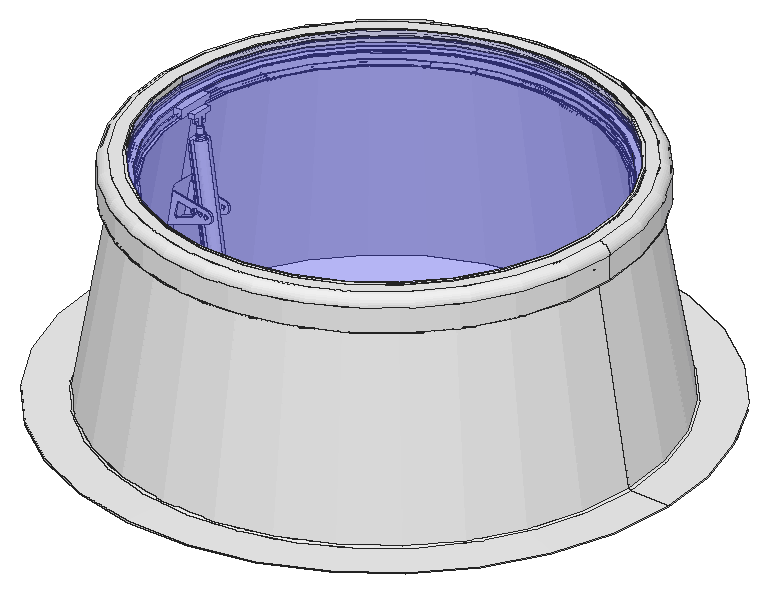
Revit family "Windows_Roof-Windows_Lamilux_F100G_Round", category Windows, host Roof, Revit 2014
Parameters (values of type "120x50")
  g-Value (%) [instance] = if(Glass Type = Option 1, "52%", if(Glass Type = Option 2, "50%", if(Glass Type = Option 3, "48%", "46%")))  # "52%"
  Youtube clip = ""
  Width = 1200 mm
  Weight Net (Kg) = 0
  Uniformat II Description = ""
  Uniformat II Code = ""
  Uniclass 2015 Name = "Glass unit masonry roof light systems"
  Uniclass 2015 Code = "Ss_30_30_34"
  Uniclass 2.0 Description = "Roof Light Systems"
  Uniclass 2.0 Code = "SS-20-30-74"
  Uniclass 1.4 Description = "Rooflights/Roof windows"
  Uniclass 1.4 Code = "JL11"
  UNSPSC Code = "301516"
  Thermal transmittance (W/m²K) [instance] = if(Glass Type = Option 1, "1.1", if(Glass Type = Option 2, "1.1", if(Glass Type = Option 3, "0.7", "0.7")))  # "1.1"
  Technical description = ""
  Rough Height = Height  # 500 mm
  Region South America = "All"
  Region Oceania = "All"
  Region North America = "All"
  Region Middle East = "All"
  Region Europe = "All"
  Region Asia = "All"
  Region Antarctica = "All"
  Region Africa = "All"
  QR code = "http://bimobject.com/lamilux/product/Lamilux_F100G_round"
  Product url = "http://www.lamilux.com/daylight-systems/daylight-elements.html"
  Product group = "Flat roof window"
  Product family = "Daylight element"
  Product data url = "https://bimobject.com/lamilux/product/Lamilux_F100G_round"
  Product certification = ""
  Product SKU = "Lamilux_F100G_round"
  Product Guid = "6c46bdb6-9118-4e00-a0b6-b4321a2f367e"
  Operator Visibility [instance] = Opening Types Option 1 = Opening Type  # yes
  Opening Types Option 1 = Opening Type : Air Opening
  Opening Type [instance] = Opening Type : Air Opening
  OmniClass Description = "Skylights "
  OmniClass Code = "23-17 17 00"
  Nominal width = 0
  Nominal height = 0
  NBS Reference Description = "Roof Light Systems"
  NBS Reference Code = "20-30-74"
  Material secondary = "Plastic"
  Material main = "Glass"
  Masterformat 2014 Description = ""
  Masterformat 2014 Code = ""
  Manufacturer name = "LAMILUX"
  Manufacturer country = "Germany"
  Installation instructions = ""
  IFC Classification = "Window"
  Edition number = 1
  EAN code = ""
  Double Operator Distance = if(and(Width = 1500 mm, Height = 300 mm), 610 mm, if(and(Width = 1800 mm, Height = 300 mm), 760 mm, if(and(Width = 1800 mm, Height = 500 mm), 750 mm, if(and(Width = 1800 mm, Height = 700 mm), 740 mm, if(and(Width = 1500 mm, Height = 500 mm), 600 mm, 590 mm)))))  # 590 mm
  Sound insulation (dB) [instance] = if(Glass Type = Option 1, "35", if(Glass Type = Option 2, "35", if(Glass Type = Option 3, "36", "36")))  # "35"
  Single Operator [instance] = and(Operator Visibility, Width < 1500 mm)  # yes
  Secondary Material = Lamilux- Glass
  Option 4 = Glazing : Triple thermal insulation glass-matt film
  Option 3 = Glazing : Triple thermal insulation glass-clear film
  Option 2 = Glazing : Double thermal insulation glazing-matt film
  Option 1 = Glazing : Double thermal insulation glazing-clear film
  Opening types = "Ventilable, fixed"
  Main Material = Lamilux-White
  Light transmittance (%) [instance] = if(Glass Type = Option 1, "75%", if(Glass Type = Option 2, "51%", if(Glass Type = Option 3, "69%", "47%")))  # "75%"
  Internal Radius = Width / 2  # 600 mm
  Height = 500 mm
  Glass Type [instance] = Glazing : Double thermal insulation glazing-clear film
  Double Operator [instance] = and(Operator Visibility, Width > 1499.9 mm)  # no
  Design country = "Germany"
  Date of publishing = ""
  COBIe Type Category = ""
  Brand url = "http://www.lamilux.com"
  BIMobject category = "Roof Windows"
  Analytic Construction = "<None>"
Types (21, lengths in mm): name | Width | Rough Height | Operator Visibility | Opening Type | Double Operator Distance | Single Operator | Internal Radius | Height
  60x30 | 600 | 300 | no | Opening Type : Fixed | 590 | no | 300 | 300
  150x50 | 1500 | 500 | no | Opening Type : Fixed | 600 | no | 750 | 500
  80x30 | 800 | 300 | no | Opening Type : Fixed | 590 | no | 400 | 300
  100x30 | 1000 | 300 | no | Opening Type : Fixed | 590 | no | 500 | 300
  90x30 | 900 | 300 | no | Opening Type : Fixed | 590 | no | 450 | 300
  120x30 | 1200 | 300 | no | Opening Type : Fixed | 590 | no | 600 | 300
  150x30 | 1500 | 300 | no | Opening Type : Fixed | 610 | no | 750 | 300
  180x30 | 1800 | 300 | no | Opening Type : Fixed | 760 | no | 900 | 300
  60x50 | 600 | 500 | no | Opening Type : Fixed | 590 | no | 300 | 500
  80x50 | 800 | 500 | no | Opening Type : Fixed | 590 | no | 400 | 500
  90x50 | 900 | 500 | no | Opening Type : Fixed | 590 | no | 450 | 500
  100x50 | 1000 | 500 | no | Opening Type : Fixed | 590 | no | 500 | 500
  120x50 | 1200 | 500 | yes | Opening Type : Air Opening | 590 | yes | 600 | 500
  180x50 | 1800 | 500 | no | Opening Type : Fixed | 750 | no | 900 | 500
  60x70 | 600 | 700 | no | Opening Type : Fixed | 590 | no | 300 | 700
  80x70 | 800 | 700 | no | Opening Type : Fixed | 590 | no | 400 | 700
  90x70 | 900 | 700 | no | Opening Type : Fixed | 590 | no | 450 | 700
  100x70 | 1000 | 700 | no | Opening Type : Fixed | 590 | no | 500 | 700
  120x70 | 1200 | 700 | no | Opening Type : Fixed | 590 | no | 600 | 700
  150x70 | 1500 | 700 | no | Opening Type : Fixed | 590 | no | 750 | 700
  180x70 | 1800 | 700 | no | Opening Type : Fixed | 740 | no | 900 | 700
Reference planes
  plane 1 "Center (Front/Back)": y = 0
  plane 2 "Roof": z = 4000
  plane 3 "Center (Left/Right)": x = 0
  plane 4: z = 4652.4
  plane 5: x = -600
Forms (mm)
  Extrusion 1, void
    sketch origin (0, 0, 4000) x (1, 0, 0) y (0, 1, 0)
      loop
        circle (0, 0) r 600
    from -341.943 to 723.64
Dimensions and locks
  equal spacing: host sketch curve, plane 3 "Center (Left/Right)", host sketch curve
  equal spacing: host sketch curve, plane 1 "Center (Front/Back)", host sketch curve
  "Height": plane 4 to host roof
  "Internal Radius": nested 3 to plane 3 "Center (Left/Right)"
  "Internal Radius": plane 3 "Center (Left/Right)" to nested 4
  "Internal Radius": plane 5 to plane 3 "Center (Left/Right)"
  "Internal Radius": radius of Extrusion 1 sketch curve
  aligned and locked: level to plane 2 "Roof"
  aligned and locked: nested 3 to nested 1
  aligned and locked: nested 1 to nested 4
  aligned and locked: nested 1 to nested 2
  aligned and locked: host roof to nested 1
  aligned and locked: plane 5 to nested 2
Automatic sketch dimensions
  plane 1 "Center (Front/Back)" to Extrusion 1 sketch curve = 0 mm
  Extrusion 1 sketch curve to plane 3 "Center (Left/Right)" = 0 mm
Nested families
  nested 1: "Window" at (0, 0, 4152.4), type "Window"
    with Internal Radius 600 mm, Height 500 mm, Glass Radius 539 mm, Coarse Radius 654 mm
  nested 2: "Operator" at (-600, 0, 4152.4), visible <- "Single Operator", type "Operator", detail levels fine
    with Operator hand angle 81.20°, Height 500 mm, H500 yes, H300 no, Angle 79.80°
  nested 3: "Operator" at (-522.861, 294.332, 4152.4) x (0.8746, -0.4848, 0) z (0, 0, 1), visible <- "Double Operator", type "Operator", detail levels fine
    with Operator hand angle 81.20°, Height 500 mm, H500 yes, H300 no, Angle 79.80°
  nested 4: "Operator" at (-522.861, -294.332, 4152.4) x (0.8746, 0.4848, 0) z (0, 0, 1), visible <- "Double Operator", type "Operator", detail levels fine
    with Operator hand angle 81.20°, Height 500 mm, H500 yes, H300 no, Angle 79.80°
Definition of nested family "Window"
  Parameters (values of type "Window")
    Secondary Material = Lamilux- Glass
    Main Material = Lamilux-White
    Internal Radius = 302 mm
    Height = 300 mm
    Glass Radius = Internal Radius - 61 mm  # 241 mm
    Coarse Radius = Internal Radius + 54 mm  # 356 mm
  Reference planes
    plane 1 "Center (Front/Back)": y = 0
    plane 2: z = 0
    plane 3 "Center (Left/Right)": x = 0
    plane 4: z = 300
    plane 5: z = 354.48
    plane 6: z = 340.48
    plane 7: z = 331.72
    plane 8: z = 370.48
    plane 9: z = 350.48
    plane 10: z = 364.48
  Forms (mm)
    Sweep 1, solid, material "Lamilux-White" <- "Main Material", detail levels fine
      path origin (0, -0.391, 0) x (1, 0, 0) y (0, 1, 0)
        loop
          circle (0, 0) r 302
      profile origin (0, 301.609, 0) x (0, -1, 0) y (0, 0, 1)
        loop
          line (70.616, 286) -> (35.142, 286)
          arc (35.142, 286) -> (32.158, 285.011) -> (30.353, 282.437) r 5
          line (30.353, 282.437) -> (-52.13, 7.491)
          arc (-52.13, 7.491) -> (-53.917, 4.93) -> (-56.874, 3.928) r 5
          line (-56.874, 3.928) -> (-158, 3) -> (-158, 0) -> (2, 0) -> (92, 300) -> (89.874, 300) -> (85.684, 289.193)
          arc (85.684, 289.193) -> (83.847, 286.875) -> (81.022, 286) r 5
          line (81.022, 286) -> (70.616, 286)
    Sweep 2, solid, material "Lamilux-White" <- "Main Material", detail levels fine
      path origin (0, 0, 0) x (1, 0, 0) y (0, 1, 0)
        loop
          circle (0, 0) r 302
      profile origin (0, 302, 0) x (0, -1, 0) y (0, 0, 1)
        loop
          line (40, 302.48) -> (49, 302.48) -> (49, 297.198) -> (47.75, 297.198) -> (47.75, 296.313)
          arc (47.75, 296.313) -> (47.896, 295.959) -> (48.25, 295.813) r 0.5
          line (48.25, 295.813) -> (50, 295.813)
          arc (50, 295.813) -> (50.354, 295.959) -> (50.5, 296.313) r 0.5
          line (50.5, 296.313) -> (50.5, 302.48) -> (64.5, 302.48) -> (64.5, 296.313)
          arc (64.5, 296.313) -> (64.646, 295.959) -> (65, 295.813) r 0.5
          line (65, 295.813) -> (66.75, 295.813)
          arc (66.75, 295.813) -> (67.104, 295.959) -> (67.25, 296.313) r 0.5
          line (67.25, 296.313) -> (67.25, 297.198) -> (66, 297.198) -> (66, 302.48) -> (75, 302.48) -> (75, 297.198) -> (73.75, 297.198) -> (73.75, 296.313)
          arc (73.75, 296.313) -> (73.896, 295.959) -> (74.25, 295.813) r 0.5
          line (74.25, 295.813) -> (76.5, 295.813)
          arc (76.5, 295.813) -> (76.854, 295.959) -> (77, 296.313) r 0.5
          line (77, 296.313) -> (77, 307.98) -> (73.5, 307.98) -> (73.5, 305.48) -> (69.5, 305.48) -> (69.5, 325.52) -> (73.529, 325.52)
          arc (73.529, 325.52) -> (74.426, 325.698) -> (75.186, 326.206) r 2.344
          line (75.186, 326.206) -> (76.403, 327.423)
          arc (76.403, 327.423) -> (76.845, 328.084) -> (77, 328.864) r 2.039
          line (77, 328.864) -> (77, 329.72)
          arc (77, 329.72) -> (76.5, 330.22) -> (76, 329.72) r 0.5
          line (76, 329.72) -> (60, 329.72) -> (60, 327.22) -> (52.843, 327.22) -> (55.5, 339.72) -> (55.5, 369.98) -> (25, 369.98)
          arc (25, 369.98) -> (7.322, 362.658) -> (0, 344.98) r 25
          line (0, 344.98) -> (0, 285.48)
          arc (0, 285.48) -> (1.5, 283.98) -> (3, 285.48) r 1.5
          line (3, 285.48) -> (3, 302.48) -> (38.5, 302.48) -> (38.5, 296.313)
          arc (38.5, 296.313) -> (38.646, 295.959) -> (39, 295.813) r 0.5
          line (39, 295.813) -> (40.75, 295.813)
          arc (40.75, 295.813) -> (41.104, 295.959) -> (41.25, 296.313) r 0.5
          line (41.25, 296.313) -> (41.25, 297.198) -> (40, 297.198) -> (40, 302.48)
        loop
          line (53, 366.98) -> (25.272, 366.98)
          arc (25.272, 366.98) -> (9.54, 360.463) -> (3.023, 344.731) r 22.249
          line (3.023, 344.731) -> (3.023, 305.48) -> (66.5, 305.48) -> (66.5, 327.22) -> (63.5, 327.22) -> (63.5, 324.97) -> (49.809, 324.97) -> (53, 339.983) -> (53, 366.98)
    Extrusion 3, solid, material "Lamilux- Glass" <- "Secondary Material", detail levels fine
      sketch origin (0, 0, 0) x (1, 0, 0) y (0, 1, 0)
        loop
          circle (0, 0) r 241
      from 340.48 to 331.72
    Extrusion 4, solid, material "Lamilux- Glass" <- "Secondary Material", detail levels fine
      sketch origin (0, 0, 0) x (1, 0, 0) y (0, 1, 0)
        loop
          circle (0, 0) r 241
      from 364.48 to 370.48
    Extrusion 5, solid, material "Lamilux- Glass" <- "Secondary Material", detail levels fine
      sketch origin (0, 0, 0) x (1, 0, 0) y (0, 1, 0)
        loop
          circle (0, 0) r 241
      from 350.48 to 354.48
    Sweep 6, solid, material "Lamilux-White" <- "Main Material", detail levels fine
      path origin (0, 0, 0) x (1, 0, 0) y (0, 1, 0)
        loop
          circle (0, 0) r 241
      profile origin (0, 241, 0) x (0, -1, 0) y (0, 0, 1)
        loop
          line (0, 331.72) -> (0, 329.72) -> (15, 329.72) -> (15, 331.72) -> (0, 331.72)
    Sweep 7, solid, material "Lamilux-White" <- "Main Material", detail levels fine
      path origin (0, 0, 0) x (1, 0, 0) y (0, 1, 0)
        loop
          circle (0, 0) r 241
      profile origin (0, 241, 0) x (0, -1, 0) y (0, 0, 1)
        loop
          arc (-5.5, 356.071) -> (-2.6, 355.334) -> (0, 356.815) r 4
          line (0, 356.815) -> (0, 369.986) -> (-5.5, 369.986) -> (-5.5, 356.071)
    Revolve 8, solid, material "Lamilux-White" <- "Main Material", detail levels medium
      sketch origin (0, 0, 0) x (0, 1, 0) y (0, 0, 1)
        loop
          line (0, 370.48) -> (0, 283.995) -> (300.714, 283.995)
          arc (300.714, 283.995) -> (301.623, 284.372) -> (302, 285.281) r 1.286
          line (302, 285.281) -> (302, 345.48)
          arc (302, 345.48) -> (294.678, 363.158) -> (277, 370.48) r 25
          line (277, 370.48) -> (0, 370.48)
        axis (0, 370.48) -> (0, 283.995)
      angle from 0 to 360
    Extrusion 9, solid, material "Lamilux-White" <- "Main Material", detail levels coarse
      sketch origin (0, 0, 0) x (1, 0, 0) y (0, 1, 0)
        loop
          circle (0, 0) r 356
      from 0 to 370.48
    Sweep 10, solid, material "Lamilux-White" <- "Main Material", detail levels medium
      path origin (0, 0, 0) x (1, 0, 0) y (0, 1, 0)
        loop
          circle (0, 0) r 302
      profile origin (0, 302, 0) x (0, -1, 0) y (0, 0, 1)
        loop
          line (2.391, 0) -> (92.391, 300) -> (90.264, 300) -> (84.889, 285.996) -> (31.638, 285.996) -> (-54.026, 0) -> (2.391, 0)
  Dimensions and locks
    locked: Sweep 1 sketch curve to Sweep 1 sketch curve at 3
    locked: Sweep 1 sketch curve to Sweep 1 sketch curve at 160
    "Height": plane 4 to level
    plane 8 to plane 5 to plane 6 to plane 7 to plane 4 = 16 mm locked, 14 mm locked, 8.76 mm locked, 31.72 mm locked
    locked: plane 8 to plane 10 at 6
    plane 5 to plane 9 = 4 mm
    locked: Sweep 6 sketch curve to Sweep 6 sketch curve at 15
    locked: Sweep 6 sketch curve to Sweep 6 sketch curve at 2
    locked: Sweep 2 sketch curve to plane 4 at 2.48
    locked: plane 8 to Sweep 7 sketch curve at 0.494
    "Internal Radius": Revolve 8 sketch curve to plane 1 "Center (Front/Back)"
    locked: plane 4 to Sweep 10 sketch curve at 14.004
    locked: Sweep 1 sketch curve to Sweep 1 sketch curve at 54
    radius of Sweep 1 sketch curve = 5 mm  (x2)
    "Internal Radius": radius of Sweep 2 sketch curve
    "Internal Radius": radius of Sweep 1 sketch curve
    "Glass Radius": radius of Extrusion 3 sketch curve
    "Glass Radius": radius of Extrusion 5 sketch curve
    "Glass Radius": radius of Sweep 6 sketch curve
    "Glass Radius": radius of Sweep 7 sketch curve
    "Glass Radius": radius of Extrusion 4 sketch curve
    "Coarse Radius": radius of Extrusion 9 sketch curve
    "Internal Radius": radius of Sweep 10 sketch curve
    aligned and locked: level to plane 2
    aligned and locked: plane 4 to Sweep 1
    aligned and locked: plane 4 to Sweep 1 sketch curve
    aligned and locked: Extrusion 5 to plane 9
    aligned and locked: plane 5 to Extrusion 5
    aligned and locked: Extrusion 4 to plane 10
    aligned and locked: plane 8 to Extrusion 4
    aligned and locked: plane 7 to Sweep 6
    aligned and locked: Sweep 6 sketch curve to plane 7
    aligned and locked: Extrusion 3 to plane 7
    aligned and locked: plane 6 to Extrusion 3
    aligned and locked: plane 1 "Center (Front/Back)" to Revolve 8 sketch curve
    aligned and locked: plane 8 to Revolve 8 sketch curve
    aligned and locked: plane 8 to Extrusion 9
    aligned and locked: plane 4 to Sweep 10 sketch curve
  Automatic sketch dimensions
    Sweep 1 sketch curve to level = 0 mm
    level to Sweep 1 sketch curve = 8.927 mm
    level to Sweep 1 sketch curve = 3.928 mm
    Sweep 1 sketch curve to Sweep 1 sketch curve = 0.046 mm
    level to Sweep 1 sketch curve = 7.491 mm
    Sweep 1 sketch curve to profile plane = 2 mm
    Sweep 1 sketch curve to profile plane = 30.353 mm
    Sweep 1 sketch curve to Sweep 1 sketch curve = 4.19 mm
    Sweep 1 sketch curve to Sweep 1 sketch curve = 2.126 mm
    Sweep 1 sketch curve to Sweep 1 sketch curve = 1.437 mm
    Sweep 1 sketch curve to Sweep 1 sketch curve = 3.193 mm
    Sweep 1 sketch curve to Sweep 1 sketch curve = 10.807 mm
    Sweep 1 sketch curve to Sweep 1 sketch curve = 10.406 mm
    Sweep 2 sketch curve to profile plane = 0 mm
    Sweep 2 sketch curve to profile plane = 1.5 mm
    Sweep 2 sketch curve to Sweep 2 sketch curve = 0.023 mm
    Sweep 2 sketch curve to profile plane = 25 mm
    Sweep 2 sketch curve to Sweep 2 sketch curve = 0.272 mm
    Sweep 2 sketch curve to Sweep 2 sketch curve = 35.5 mm
    Sweep 2 sketch curve to Sweep 2 sketch curve = 0.5 mm  (x11)
    Sweep 2 sketch curve to Sweep 2 sketch curve = 1.5 mm  (x3)
    Sweep 2 sketch curve to Sweep 2 sketch curve = 0.75 mm  (x3)
    Sweep 2 sketch curve to Sweep 2 sketch curve = 6.5 mm  (x2)
    Sweep 2 sketch curve to Sweep 2 sketch curve = 1.25 mm
    Sweep 2 sketch curve to Sweep 2 sketch curve = 0.809 mm
    Sweep 2 sketch curve to Sweep 2 sketch curve = 1 mm
    Sweep 2 sketch curve to Sweep 2 sketch curve = 3.034 mm
    Sweep 2 sketch curve to Sweep 2 sketch curve = 27.728 mm
    Sweep 2 sketch curve to Sweep 2 sketch curve = 2.5 mm  (x2)
    Sweep 2 sketch curve to Sweep 2 sketch curve = 7.157 mm
    Sweep 2 sketch curve to Sweep 2 sketch curve = 3.5 mm  (x2)
    Sweep 2 sketch curve to Sweep 2 sketch curve = 14 mm
    Sweep 2 sketch curve to Sweep 2 sketch curve = 3 mm  (x4)
    Sweep 2 sketch curve to Sweep 2 sketch curve = 4 mm
    Sweep 2 sketch curve to Sweep 2 sketch curve = 4.029 mm
    Sweep 2 sketch curve to Sweep 2 sketch curve = 1.432 mm
    Sweep 2 sketch curve to Sweep 2 sketch curve = 1.657 mm
    Sweep 2 sketch curve to Sweep 2 sketch curve = 1.039 mm
    Sweep 2 sketch curve to Sweep 2 sketch curve = 1.216 mm  (x2)
    Sweep 2 sketch curve to Sweep 2 sketch curve = 10.333 mm
    Sweep 2 sketch curve to Sweep 2 sketch curve = 0.886 mm  (x4)
    Sweep 2 sketch curve to Sweep 2 sketch curve = 5.281 mm  (x2)
    Sweep 2 sketch curve to Sweep 2 sketch curve = 0 mm  (x2)
    Sweep 2 sketch curve to Sweep 2 sketch curve = 22.49 mm
    Sweep 2 sketch curve to Sweep 2 sketch curve = 0.55 mm
    Sweep 2 sketch curve to Sweep 2 sketch curve = 0.686 mm
    Sweep 2 sketch curve to Sweep 2 sketch curve = 2.25 mm
    Sweep 2 sketch curve to Sweep 2 sketch curve = 1.7 mm
    Sweep 2 sketch curve to Sweep 2 sketch curve = 0.855 mm
    Sweep 2 sketch curve to Sweep 2 sketch curve = 10 mm
    Sweep 2 sketch curve to Sweep 2 sketch curve = 0.263 mm
    Sweep 2 sketch curve to Sweep 2 sketch curve = 4.748 mm
    Sweep 2 sketch curve to Sweep 2 sketch curve = 0.249 mm
    Sweep 6 sketch curve to profile plane = 0 mm
    Sweep 7 sketch curve to profile plane = 0 mm
    profile plane to Sweep 7 sketch curve = 3.136 mm
    Sweep 7 sketch curve to Sweep 7 sketch curve = 2.364 mm
    Sweep 7 sketch curve to Sweep 7 sketch curve = 0.744 mm
    Sweep 7 sketch curve to Sweep 7 sketch curve = 10.689 mm
    Sweep 10 sketch curve to level = 0 mm
    Sweep 10 sketch curve to profile plane = 31.638 mm
    Sweep 10 sketch curve to Sweep 10 sketch curve = 53.251 mm
    Sweep 10 sketch curve to Sweep 10 sketch curve = 5.376 mm
    Sweep 10 sketch curve to Sweep 10 sketch curve = 2.126 mm
    Sweep 10 sketch curve to profile plane = 2.391 mm
    profile plane to Sweep 10 sketch curve = 54.026 mm
    Sweep 1 sketch curve to plane 3 "Center (Left/Right)" = 0 mm
    plane 1 "Center (Front/Back)" to Sweep 1 sketch curve = 0.391 mm
    plane 1 "Center (Front/Back)" to Sweep 2 sketch curve = 0 mm
    Sweep 2 sketch curve to plane 3 "Center (Left/Right)" = 0 mm
    plane 1 "Center (Front/Back)" to Extrusion 3 sketch curve = 0 mm
    Extrusion 3 sketch curve to plane 3 "Center (Left/Right)" = 0 mm
    plane 1 "Center (Front/Back)" to Extrusion 4 sketch curve = 0 mm
    Extrusion 4 sketch curve to plane 3 "Center (Left/Right)" = 0 mm
    plane 1 "Center (Front/Back)" to Extrusion 5 sketch curve = 0 mm
    Extrusion 5 sketch curve to plane 3 "Center (Left/Right)" = 0 mm
    plane 1 "Center (Front/Back)" to Sweep 6 sketch curve = 0 mm
    Sweep 6 sketch curve to plane 3 "Center (Left/Right)" = 0 mm
    plane 1 "Center (Front/Back)" to Sweep 7 sketch curve = 0 mm
    Sweep 7 sketch curve to plane 3 "Center (Left/Right)" = 0 mm
    Revolve 8 sketch curve to plane 1 "Center (Front/Back)" = 0 mm
    Revolve 8 sketch curve to Revolve 8 sketch curve = 25 mm
    Revolve 8 sketch curve to Revolve 8 sketch curve = 1.286 mm
    Revolve 8 sketch curve to plane 4 = 14.719 mm
    Revolve 8 sketch curve to level = 520.992 mm
    Revolve 8 sketch curve to Revolve 8 sketch curve = 2370.994 mm
    plane 1 "Center (Front/Back)" to Extrusion 9 sketch curve = 0 mm
    Extrusion 9 sketch curve to plane 3 "Center (Left/Right)" = 0 mm
    plane 1 "Center (Front/Back)" to Sweep 10 sketch curve = 0 mm
    Sweep 10 sketch curve to plane 3 "Center (Left/Right)" = 0 mm
Definition of nested family "Operator"
  Parameters (values of type "Operator")
    Operator hand angle = if(Height = 300 mm, 73.64°, if(Height = 500 mm, 81.20°, 84.31°))  # 73.64°
    Main Material = none
    Height = 300 mm
    H700 = Height = 700 mm  # no
    H500 = Height = 500 mm  # no
    H300 = Height = 300 mm  # yes
    Angle = if(Height = 300 mm, 72.57°, if(Height = 500 mm, 79.80°, 82.67°))  # 72.57°
  Reference planes
    plane 1 "Center (Front/Back)": y = 0
    plane 2: z = 0
    plane 3 "Center (Left/Right)": x = 0
    plane 4: z = 300
    plane 5: z = 283.02
    plane 6: x = 106
  Forms (mm)
    Extrusion 1, solid, material <- "Main Material"
      sketch origin (0, 0, 0) x (0, 1, 0) y (0, 0, 1)
        loop
          line (4, 278.02) -> (10, 278.02) -> (10, 298.02) -> (25, 298.02) -> (25, 309.02) -> (-25, 309.02) -> (-25, 298.02) -> (-10, 298.02) -> (-10, 278.02) -> (-4, 278.02) -> (-4, 296.52) -> (4, 296.52) -> (4, 278.02)
      from 98 to 114
    Extrusion 2, solid, material <- "Main Material"
      sketch origin (0, 0, 0) x (0, 1, 0) y (0, 0, 1)
        loop
          line (47.436, 325.02) -> (-47.436, 325.02) -> (-47.436, 305.48) -> (-32.206, 305.48) -> (-32.206, 309.02) -> (32.206, 309.02) -> (32.206, 305.48) -> (47.436, 305.48) -> (47.436, 325.02)
      from 67.785 to 98
    Extrusion 3, solid, material <- "Main Material"
      sketch origin (49.478, 0, -2.031) x (1, 0, 0) y (0, 0, 1)
        loop
          circle (56.541, 285.14) r 2.5
      from -12 to 12.22
    Revolve 4, solid, material <- "Main Material"
      sketch origin (106, 0, 283.02) x (0.281672, 0, -0.959511) y (0.959511, 0, 0.281672)
        loop
          line (41.268, 17.5) -> (41.268, 11) -> (38.268, 9) -> (36.118, 9) -> (35.268, 7.5) -> (34.036, 7.5) -> (34.036, 8.7) -> (32.724, 10.972) -> (30.818, 10.972) -> (29.506, 8.7) -> (29.506, 7.5) -> (16.268, 7.5) -> (16.268, 5.8) -> (15.863, 6.5) -> (12.672, 6.5) -> (12.268, 5.8) -> (12.268, 4) -> (6.601, 4) -> (5.958, 3.55) -> (-6.335, 3.55)
          arc (-6.335, 3.55) -> (-7.042, 1.837) -> (-7.287, 0) r 7.174
          line (-7.287, 0) -> (586.03, 0) -> (586.03, 17.5) -> (41.268, 17.5)
        axis (-7.287, 0) -> (586.03, 0)
      angle from 0 to 360
    Sweep 5, solid, material <- "Main Material"
      path origin (106, 0, 283.02) x (0.281672, 0, -0.959511) y (0.959511, 0, 0.281672)
        loop
          line (41.268, 0) -> (586.03, 0)
      profile origin (194.346, 0, -17.929) x (0.959511, 0, 0.281672) y (0, -1, 0)
        loop
          line (-21.752, -19.339) -> (-19.776, -19.339) -> (-19.776, -17.812) -> (-13.109, -17.812) -> (-13.109, -19.339) -> (-11.752, -19.339) -> (-11.752, 19.339) -> (-13.109, 19.339) -> (-13.109, 17.812) -> (-19.776, 17.812) -> (-19.776, 19.339) -> (-21.752, 19.339) -> (-21.752, -19.339)
  Cuts and joins
    joined: Revolve 4, Sweep 5
  Lines and regions (mm)
    reference lines
      curve 1: line (0, 0, 0) -> (142.282, 0, 453.19)
      curve 2: line (106, 0, 283.02) -> (182.051, 0, 23.952)
  Dimensions and locks
    "Height": plane 4 to level
    locked: plane 4 to plane 5 at 16.98
    locked: plane 6 to plane 3 "Center (Left/Right)" at 106
    "Angle": angle level to curve 1
    "Operator hand angle": angle curve 2 to plane 5
    aligned and locked: level to plane 2
    aligned and locked: plane 2 to curve 1
    aligned and locked: plane 3 "Center (Left/Right)" to curve 1
    aligned and locked: plane 5 to curve 2
    aligned and locked: plane 6 to curve 2
    aligned and locked: Revolve 4 sketch curve to curve 2
    aligned and locked: curve 2 to Sweep 5 sketch curve
  Automatic sketch dimensions
    plane 4 to Extrusion 1 sketch curve = 9.02 mm
    plane 1 "Center (Front/Back)" to Extrusion 1 sketch curve = 25 mm
    Extrusion 1 sketch curve to plane 4 = 1.98 mm  (x2)
    plane 1 "Center (Front/Back)" to Extrusion 1 sketch curve = 10 mm
    plane 1 "Center (Front/Back)" to Extrusion 1 sketch curve = 4 mm
    Extrusion 1 sketch curve to plane 1 "Center (Front/Back)" = 4 mm
    Extrusion 1 sketch curve to Extrusion 1 sketch curve = 6 mm
    Extrusion 1 sketch curve to Extrusion 1 sketch curve = 15 mm
    Extrusion 1 sketch curve to plane 4 = 3.48 mm
    plane 5 to Extrusion 1 sketch curve = 5 mm  (x2)
    plane 1 "Center (Front/Back)" to Extrusion 2 sketch curve = 47.436 mm
    Extrusion 2 sketch curve to Extrusion 2 sketch curve = 15.229 mm  (x2)
    plane 4 to Extrusion 2 sketch curve = 9.02 mm
    Extrusion 2 sketch curve to plane 1 "Center (Front/Back)" = 32.206 mm
    plane 4 to Extrusion 2 sketch curve = 5.48 mm  (x2)
    Extrusion 2 sketch curve to Extrusion 2 sketch curve = 19.54 mm
    plane 6 to Extrusion 3 sketch curve = 0.019 mm
    Extrusion 3 sketch curve to plane 5 = 0.089 mm
    Revolve 4 sketch curve to curve 2 = 0 mm  (x3)
    Revolve 4 sketch curve to curve 2 = 7.287 mm
    Revolve 4 sketch curve to curve 2 = 6.335 mm
    curve 2 to Revolve 4 sketch curve = 0.02 mm
    Revolve 4 sketch curve to curve 2 = 0.112 mm
    Revolve 4 sketch curve to Revolve 4 sketch curve = 6.071 mm
    Revolve 4 sketch curve to Revolve 4 sketch curve = 0.643 mm
    Revolve 4 sketch curve to Revolve 4 sketch curve = 5.667 mm
    Revolve 4 sketch curve to curve 2 = 6.5 mm
    Revolve 4 sketch curve to Revolve 4 sketch curve = 0.404 mm  (x2)
    Revolve 4 sketch curve to Revolve 4 sketch curve = 3.192 mm
    Revolve 4 sketch curve to Revolve 4 sketch curve = 13.239 mm
    Revolve 4 sketch curve to Revolve 4 sketch curve = 1.312 mm  (x2)
    Revolve 4 sketch curve to curve 2 = 10.972 mm
    Revolve 4 sketch curve to Revolve 4 sketch curve = 1.906 mm
    Revolve 4 sketch curve to Revolve 4 sketch curve = 1.231 mm
    Revolve 4 sketch curve to Revolve 4 sketch curve = 0.851 mm
    Revolve 4 sketch curve to curve 2 = 9 mm
    Revolve 4 sketch curve to Revolve 4 sketch curve = 2.149 mm
    Revolve 4 sketch curve to Revolve 4 sketch curve = 3 mm
    Revolve 4 sketch curve to Revolve 4 sketch curve = 316.03 mm
    Revolve 4 sketch curve to Revolve 4 sketch curve = 0.45 mm
    Revolve 4 sketch curve to Revolve 4 sketch curve = 0.7 mm  (x2)
    Revolve 4 sketch curve to Revolve 4 sketch curve = 1.5 mm
    Revolve 4 sketch curve to Revolve 4 sketch curve = 1 mm
    Revolve 4 sketch curve to Revolve 4 sketch curve = 1.2 mm  (x2)
    Revolve 4 sketch curve to Revolve 4 sketch curve = 2 mm
    Revolve 4 sketch curve to curve 2 = 17.5 mm
    curve 2 to Sweep 5 sketch curve = 41.268 mm
    curve 2 to Sweep 5 sketch curve = 316.03 mm
    profile plane to Sweep 5 sketch curve = 21.752 mm
    Sweep 5 sketch curve to Sweep 5 sketch curve = 1.975 mm  (x2)
    Sweep 5 sketch curve to Sweep 5 sketch curve = 6.667 mm  (x2)
    Sweep 5 sketch curve to Sweep 5 sketch curve = 1.358 mm
    Sweep 5 sketch curve to profile plane = 19.339 mm
    Sweep 5 sketch curve to Sweep 5 sketch curve = 0 mm
    Sweep 5 sketch curve to Sweep 5 sketch curve = 1.527 mm  (x3)
    profile plane to Sweep 5 sketch curve = 17.812 mm
    radius of Extrusion 3 sketch curve = 2.5 mm
  Nested families
    nested 1: "Support" at (129.401, 0, 412.164) x (0, 1, 0) z (0.9541, 0, -0.2995), visible <- "H700", type "Support"
      with Distance 432 mm
    nested 2: "Support" at (99.447, 0, 316.756) x (0, 1, 0) z (0.9541, 0, -0.2995), visible <- "H500", type "Support"
      with Distance 432 mm
    nested 3: "Support" at (69.493, 0, 221.347) x (0, 1, 0) z (0.9541, 0, -0.2995), visible <- "H300", type "Support"
      with Distance 432 mm
  Definition of nested family "Support"
    Parameters (values of type "Family2")
      Main Material = none
      Distance = 338.418 mm
      Default Elevation = 1219.2 mm
    Reference planes
      plane 1 "Center (Front/Back)": y = 0
      plane 2: z = 0
      plane 3 "Center (Left/Right)": x = 0
      plane 4: x = -30
      plane 5: x = 30
    Forms (mm)
      Extrusion 1, solid
        sketch origin (0, 0, 0) x (1, 0, 0) y (0, 1, 0)
          loop
            line (-1219.2, 1219.2) -> (-1219.2, -1219.2) -> (1219.2, -1219.2) -> (1219.2, 1219.2) -> (-1219.2, 1219.2)
        from 0 to -304.8
      Extrusion 2, solid, material <- "Main Material"
        sketch origin (0, 0, 0) x (0, 1, 0) y (0, 0, 1)
          loop
            line (-102, 3) -> (-102, 0) -> (0, 0) -> (0, 3) -> (-15, 3) -> (-15, 98)
            arc (-15, 98) -> (-26.127, 112.491) -> (-43, 105.484) r 15
            line (-43, 105.484) -> (-102, 3)
          loop
            arc (-35, 20) -> (-31.464, 21.464) -> (-30, 25) r 5
            line (-30, 25) -> (-30, 52.81)
            arc (-30, 52.81) -> (-30.949, 55.741) -> (-33.437, 57.559) r 5
            arc (-33.437, 57.559) -> (-37.546, 60.008) -> (-40.226, 63.969) r 10.992
            arc (-40.226, 63.969) -> (-44.511, 67.122) -> (-49.211, 64.631) r 5
            line (-49.211, 64.631) -> (-70.59, 27.495)
            arc (-70.59, 27.495) -> (-70.586, 22.497) -> (-66.257, 20) r 5
            line (-66.257, 20) -> (-35, 20)
          loop
            circle (-30, 83) r 5.8
          loop
            circle (-30, 98) r 5.8
        from -30 to -27
      Extrusion 3, solid, material <- "Main Material"
        sketch origin (0, 0, 0) x (0, 1, 0) y (0, 0, 1)
          loop
            line (-102, 0) -> (0, 0) -> (0, 3) -> (-15, 3) -> (-15, 98)
            arc (-15, 98) -> (-26.127, 112.491) -> (-43, 105.484) r 15
            line (-43, 105.484) -> (-102, 3) -> (-102, 0)
          loop
            arc (-35, 20) -> (-31.464, 21.464) -> (-30, 25) r 5
            line (-30, 25) -> (-30, 52.81)
            arc (-30, 52.81) -> (-30.949, 55.741) -> (-33.437, 57.559) r 5
            arc (-33.437, 57.559) -> (-37.546, 60.008) -> (-40.226, 63.969) r 10.992
            arc (-40.226, 63.969) -> (-44.511, 67.122) -> (-49.211, 64.631) r 5
            line (-49.211, 64.631) -> (-70.59, 27.495)
            arc (-70.59, 27.495) -> (-70.586, 22.497) -> (-66.257, 20) r 5
            line (-66.257, 20) -> (-35, 20)
          loop
            circle (-30, 83) r 5.8
          loop
            circle (-30, 98) r 5.8
        from 27 to 30
      Extrusion 4, solid, material <- "Main Material"
        sketch origin (0, 0, 0) x (0, 1, 0) y (0, 0, 1)
          loop
            line (0, 3) -> (-102, 3) -> (-102, 0) -> (0, 0) -> (0, 3)
        from -30 to 30
      Extrusion 5, solid, material <- "Main Material"
        sketch origin (0, 0, 0) x (0, 1, 0) y (0, 0, 1)
          loop
            line (-36.895, 67.323) -> (-32.862, 61.69) -> (-25.967, 62.367) -> (-23.105, 68.677) -> (-27.138, 74.31) -> (-34.033, 73.633) -> (-36.895, 67.323)
        from 32.5 to 36.963
      Extrusion 6, solid, material <- "Main Material"
        sketch origin (0, 0, 0) x (0, 1, 0) y (0, 0, 1)
          loop
            line (-32.862, 61.69) -> (-25.967, 62.367) -> (-23.105, 68.677) -> (-27.138, 74.31) -> (-34.033, 73.633) -> (-36.895, 67.323) -> (-32.862, 61.69)
        from -36.963 to -32.5
      Extrusion 7, solid, material <- "Main Material"
        sketch origin (0, 0, 0) x (0, 1, 0) y (0, 0, 1)
          loop
            circle (-30, 68) r 2.5
        from -37.5 to 37.5
    Cuts and joins
      joined: Extrusion 2, Extrusion 3, Extrusion 4, Extrusion 5, Extrusion 6, Extrusion 7
    Dimensions and locks
      equal spacing: plane 4, plane 3 "Center (Left/Right)", plane 5
      plane 4 to plane 5 = 60 mm
      aligned and locked: plane 2 to Extrusion 1
      aligned and locked: level to Extrusion 1
    Automatic sketch dimensions
      Extrusion 1 sketch curve to Extrusion 1 sketch curve = 2438.4 mm  (x2)
      Extrusion 2 sketch curve to Extrusion 2 sketch curve = 0 mm  (x5)
      Extrusion 2 sketch curve to level = 0 mm
      Extrusion 2 sketch curve to plane 1 "Center (Front/Back)" = 0 mm
      level to Extrusion 2 sketch curve = 3 mm  (x2)
      plane 1 "Center (Front/Back)" to Extrusion 2 sketch curve = 15 mm
      Extrusion 2 sketch curve to Extrusion 2 sketch curve = 15 mm  (x4)
      Extrusion 2 sketch curve to Extrusion 2 sketch curve = 5 mm  (x2)
      Extrusion 2 sketch curve to Extrusion 2 sketch curve = 13 mm
      Extrusion 2 sketch curve to Extrusion 2 sketch curve = 9.878 mm
      Extrusion 2 sketch curve to Extrusion 2 sketch curve = 4.333 mm  (x2)
      Extrusion 2 sketch curve to Extrusion 2 sketch curve = 31.257 mm
      level to Extrusion 2 sketch curve = 27.495 mm
      level to Extrusion 2 sketch curve = 20 mm
      Extrusion 2 sketch curve to Extrusion 2 sketch curve = 27.81 mm
      Extrusion 2 sketch curve to Extrusion 2 sketch curve = 9.326 mm
      Extrusion 2 sketch curve to Extrusion 2 sketch curve = 2.495 mm
      Extrusion 2 sketch curve to Extrusion 2 sketch curve = 15.19 mm
      Extrusion 2 sketch curve to Extrusion 2 sketch curve = 35.743 mm
      Extrusion 3 sketch curve to Extrusion 3 sketch curve = 0 mm  (x5)
      Extrusion 3 sketch curve to level = 0 mm
      Extrusion 3 sketch curve to plane 1 "Center (Front/Back)" = 0 mm
      level to Extrusion 3 sketch curve = 3 mm  (x2)
      plane 1 "Center (Front/Back)" to Extrusion 3 sketch curve = 15 mm
      plane 1 "Center (Front/Back)" to Extrusion 3 sketch curve = 30 mm
      Extrusion 3 sketch curve to Extrusion 3 sketch curve = 15 mm  (x3)
      Extrusion 3 sketch curve to Extrusion 3 sketch curve = 5 mm  (x2)
      Extrusion 3 sketch curve to Extrusion 3 sketch curve = 13 mm
      Extrusion 3 sketch curve to Extrusion 3 sketch curve = 9.878 mm
      Extrusion 3 sketch curve to Extrusion 3 sketch curve = 4.333 mm  (x2)
      Extrusion 3 sketch curve to Extrusion 3 sketch curve = 31.257 mm
      level to Extrusion 3 sketch curve = 27.495 mm
      Extrusion 3 sketch curve to Extrusion 3 sketch curve = 35.743 mm
      Extrusion 3 sketch curve to Extrusion 3 sketch curve = 7.495 mm
      Extrusion 3 sketch curve to Extrusion 3 sketch curve = 27.81 mm
      Extrusion 3 sketch curve to Extrusion 3 sketch curve = 9.326 mm
      Extrusion 3 sketch curve to Extrusion 3 sketch curve = 2.495 mm
      Extrusion 3 sketch curve to Extrusion 3 sketch curve = 15.19 mm
      Extrusion 4 sketch curve to level = 0 mm
      Extrusion 4 sketch curve to plane 1 "Center (Front/Back)" = 0 mm
      plane 1 "Center (Front/Back)" to Extrusion 4 sketch curve = 102 mm
      level to Extrusion 4 sketch curve = 3 mm
      plane 1 "Center (Front/Back)" to Extrusion 5 sketch curve = 36.895 mm
      Extrusion 5 sketch curve to Extrusion 5 sketch curve = 2.862 mm  (x2)
      Extrusion 5 sketch curve to Extrusion 5 sketch curve = 4.033 mm
      Extrusion 5 sketch curve to Extrusion 5 sketch curve = 6.895 mm  (x2)
      level to Extrusion 5 sketch curve = 61.69 mm
      Extrusion 5 sketch curve to Extrusion 5 sketch curve = 0.677 mm  (x2)
      Extrusion 5 sketch curve to Extrusion 5 sketch curve = 5.633 mm
      Extrusion 5 sketch curve to Extrusion 5 sketch curve = 6.31 mm  (x2)
      plane 1 "Center (Front/Back)" to Extrusion 6 sketch curve = 36.895 mm
      Extrusion 6 sketch curve to Extrusion 6 sketch curve = 2.862 mm  (x2)
      Extrusion 6 sketch curve to Extrusion 6 sketch curve = 4.033 mm
      Extrusion 6 sketch curve to Extrusion 6 sketch curve = 6.895 mm  (x2)
      level to Extrusion 6 sketch curve = 61.69 mm
      Extrusion 6 sketch curve to Extrusion 6 sketch curve = 0.677 mm  (x2)
      Extrusion 6 sketch curve to Extrusion 6 sketch curve = 5.633 mm
      Extrusion 6 sketch curve to Extrusion 6 sketch curve = 6.31 mm  (x2)
      plane 1 "Center (Front/Back)" to Extrusion 7 sketch curve = 30 mm
      level to Extrusion 7 sketch curve = 68 mm
      radius of Extrusion 2 sketch curve = 5.8 mm  (x2)
      radius of Extrusion 3 sketch curve = 5.8 mm  (x2)
      radius of Extrusion 7 sketch curve = 2.5 mm
